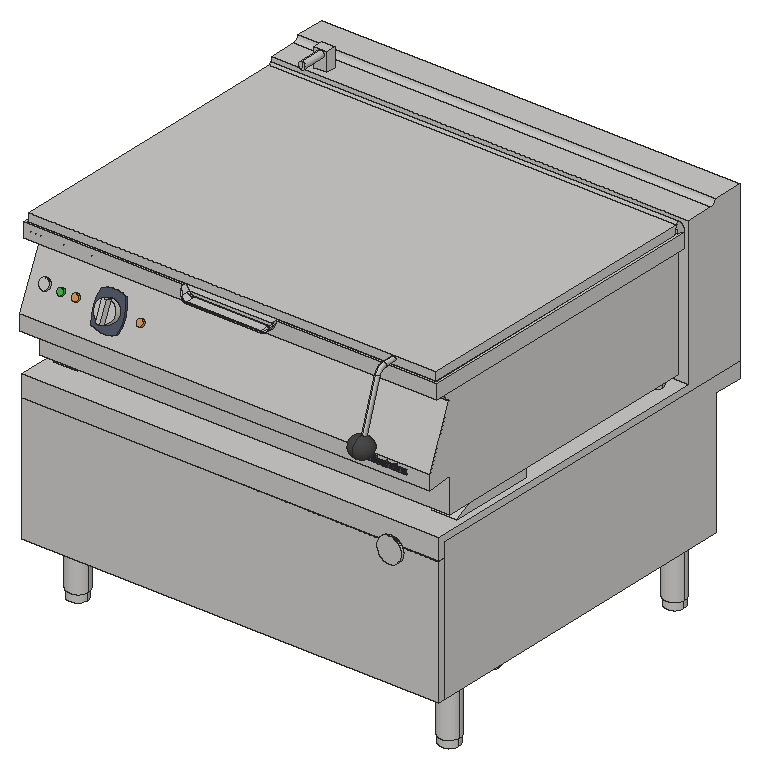
Revit family "QF_ELECTROLUXPROFESSIONAL_391141_E9BRGJDPFM", category Specialty Equipment, Revit 2018 (continued)
Automatic sketch dimensions
  Extrusion 35 sketch curve to Extrusion 35 sketch curve = 3.174 mm
  Extrusion 35 sketch curve to Extrusion 35 sketch curve = 0.388 mm
  Extrusion 35 sketch curve to Extrusion 35 sketch curve = 1.342 mm
  plane 16 to Extrusion 35 sketch curve = 12.442 mm
  Extrusion 35 sketch curve to Extrusion 35 sketch curve = 1.521 mm
  plane 16 to Extrusion 35 sketch curve = 10.883 mm
  Extrusion 35 sketch curve to Extrusion 35 sketch curve = 0.124 mm
  Extrusion 35 sketch curve to Extrusion 35 sketch curve = 0.291 mm
  plane 16 to Extrusion 35 sketch curve = 55.292 mm
  Extrusion 35 sketch curve to Extrusion 35 sketch curve = 1.049 mm  (x2)
  plane 16 to Extrusion 35 sketch curve = 14.909 mm
  Extrusion 35 sketch curve to Extrusion 35 sketch curve = 1.7 mm
  Extrusion 35 sketch curve to Extrusion 35 sketch curve = 0.894 mm
  Extrusion 35 sketch curve to Extrusion 35 sketch curve = 0.989 mm
  Extrusion 35 sketch curve to Extrusion 35 sketch curve = 1.168 mm
  Extrusion 35 sketch curve to Extrusion 35 sketch curve = 1.594 mm
  Extrusion 35 sketch curve to Extrusion 35 sketch curve = 0.731 mm
  Extrusion 35 sketch curve to Extrusion 35 sketch curve = 1.566 mm
  Extrusion 35 sketch curve to Extrusion 35 sketch curve = 0.064 mm
  plane 16 to Extrusion 35 sketch curve = 54.735 mm
  Extrusion 35 sketch curve to Extrusion 35 sketch curve = 0.556 mm
  Extrusion 35 sketch curve to Extrusion 35 sketch curve = 0.48 mm
  Extrusion 35 sketch curve to Extrusion 35 sketch curve = 0.228 mm
  Extrusion 35 sketch curve to Extrusion 35 sketch curve = 1.018 mm
  plane 16 to Extrusion 35 sketch curve = 25.148 mm
  Extrusion 35 sketch curve to Extrusion 35 sketch curve = 0.787 mm
  Extrusion 35 sketch curve to Extrusion 35 sketch curve = 0.618 mm
  plane 16 to Extrusion 35 sketch curve = 20.091 mm
  Extrusion 35 sketch curve to Extrusion 35 sketch curve = 1.672 mm
  plane 16 to Extrusion 35 sketch curve = 9.14 mm
  Extrusion 35 sketch curve to Extrusion 35 sketch curve = 1.361 mm
  Extrusion 35 sketch curve to Extrusion 35 sketch curve = 0.822 mm
  Extrusion 35 sketch curve to Extrusion 35 sketch curve = 0.069 mm
  Extrusion 35 sketch curve to Extrusion 35 sketch curve = 1.88 mm
  plane 16 to Extrusion 35 sketch curve = 27.307 mm
  Extrusion 35 sketch curve to Extrusion 35 sketch curve = 0.42 mm
  Extrusion 35 sketch curve to Extrusion 35 sketch curve = 0.062 mm
  Extrusion 35 sketch curve to Extrusion 35 sketch curve = 1.355 mm
  Extrusion 35 sketch curve to Extrusion 35 sketch curve = 2.34 mm
  Extrusion 35 sketch curve to Extrusion 35 sketch curve = 0.493 mm
  Extrusion 35 sketch curve to Extrusion 35 sketch curve = 0.136 mm
  Extrusion 35 sketch curve to Extrusion 35 sketch curve = 0.128 mm
  Extrusion 35 sketch curve to Extrusion 35 sketch curve = 3.616 mm
  Extrusion 35 sketch curve to Extrusion 35 sketch curve = 4.207 mm
  Extrusion 35 sketch curve to Extrusion 35 sketch curve = 0.183 mm
  Extrusion 35 sketch curve to Extrusion 35 sketch curve = 0.895 mm
  Extrusion 35 sketch curve to Extrusion 35 sketch curve = 1.314 mm
  Extrusion 35 sketch curve to Extrusion 35 sketch curve = 3.231 mm
  Extrusion 35 sketch curve to Extrusion 35 sketch curve = 1.299 mm
  Extrusion 35 sketch curve to Extrusion 35 sketch curve = 1.214 mm
  plane 16 to Extrusion 35 sketch curve = 36.208 mm
  Extrusion 35 sketch curve to Extrusion 35 sketch curve = 1.264 mm
  Extrusion 35 sketch curve to Extrusion 35 sketch curve = 0.109 mm
  Extrusion 35 sketch curve to Extrusion 35 sketch curve = 0.357 mm
  Extrusion 35 sketch curve to Extrusion 35 sketch curve = 0.565 mm
  Extrusion 35 sketch curve to Extrusion 35 sketch curve = 2.504 mm
  Extrusion 35 sketch curve to Extrusion 35 sketch curve = 2.459 mm
  Extrusion 35 sketch curve to Extrusion 35 sketch curve = 0.983 mm
  Extrusion 35 sketch curve to Extrusion 35 sketch curve = 0.422 mm  (x2)
  Extrusion 35 sketch curve to Extrusion 35 sketch curve = 1.268 mm
  Extrusion 35 sketch curve to Extrusion 35 sketch curve = 0.671 mm
  Extrusion 35 sketch curve to Extrusion 35 sketch curve = 1.634 mm
  Extrusion 35 sketch curve to Extrusion 35 sketch curve = 0.132 mm
  Extrusion 35 sketch curve to Extrusion 35 sketch curve = 0.586 mm
  Extrusion 35 sketch curve to Extrusion 35 sketch curve = 1.241 mm
  Extrusion 35 sketch curve to Extrusion 35 sketch curve = 1.689 mm
  Extrusion 35 sketch curve to Extrusion 35 sketch curve = 0.627 mm
  Extrusion 35 sketch curve to Extrusion 35 sketch curve = 0.419 mm
  Extrusion 35 sketch curve to Extrusion 35 sketch curve = 1.514 mm
  Extrusion 35 sketch curve to Extrusion 35 sketch curve = 1.019 mm
  Extrusion 35 sketch curve to Extrusion 35 sketch curve = 0.065 mm
  Extrusion 35 sketch curve to Extrusion 35 sketch curve = 1.215 mm
  Extrusion 35 sketch curve to Extrusion 35 sketch curve = 1.122 mm
  Extrusion 35 sketch curve to Extrusion 35 sketch curve = 1.153 mm
  Extrusion 35 sketch curve to Extrusion 35 sketch curve = 1.223 mm
  Extrusion 35 sketch curve to Extrusion 35 sketch curve = 0.934 mm
  Extrusion 35 sketch curve to Extrusion 35 sketch curve = 3.376 mm
  Extrusion 35 sketch curve to Extrusion 35 sketch curve = 0.222 mm
  Extrusion 35 sketch curve to Extrusion 35 sketch curve = 1.383 mm
  Extrusion 35 sketch curve to Extrusion 35 sketch curve = 1.556 mm
  Extrusion 35 sketch curve to Extrusion 35 sketch curve = 2.559 mm
  Extrusion 35 sketch curve to Extrusion 35 sketch curve = 2.51 mm
  Extrusion 35 sketch curve to Extrusion 35 sketch curve = 0.131 mm
  Extrusion 35 sketch curve to Extrusion 35 sketch curve = 1.134 mm
  Extrusion 35 sketch curve to Extrusion 35 sketch curve = 0.366 mm
  Extrusion 35 sketch curve to Extrusion 35 sketch curve = 0.094 mm
  Extrusion 35 sketch curve to Extrusion 35 sketch curve = 1.584 mm
  Extrusion 35 sketch curve to Extrusion 35 sketch curve = 1.501 mm
  Extrusion 35 sketch curve to Extrusion 35 sketch curve = 0.27 mm
  Extrusion 35 sketch curve to Extrusion 35 sketch curve = 1.808 mm
  Extrusion 35 sketch curve to Extrusion 35 sketch curve = 0.643 mm
  Extrusion 35 sketch curve to Extrusion 35 sketch curve = 0.916 mm
  Extrusion 35 sketch curve to Extrusion 35 sketch curve = 0.352 mm
  Extrusion 35 sketch curve to Extrusion 35 sketch curve = 0.458 mm
  Extrusion 35 sketch curve to Extrusion 35 sketch curve = 1.282 mm
  Extrusion 35 sketch curve to Extrusion 35 sketch curve = 1.363 mm
  Extrusion 35 sketch curve to Extrusion 35 sketch curve = 0.685 mm
  Extrusion 35 sketch curve to Extrusion 35 sketch curve = 0.905 mm
  Extrusion 35 sketch curve to Extrusion 35 sketch curve = 2.865 mm
  Extrusion 35 sketch curve to Extrusion 35 sketch curve = 0.472 mm
  Extrusion 35 sketch curve to Extrusion 35 sketch curve = 0.101 mm
  Extrusion 35 sketch curve to Extrusion 35 sketch curve = 0.54 mm
  Extrusion 35 sketch curve to Extrusion 35 sketch curve = 0.02 mm
  Extrusion 35 sketch curve to Extrusion 35 sketch curve = 0.468 mm
  Extrusion 35 sketch curve to Extrusion 35 sketch curve = 0.829 mm
  Extrusion 35 sketch curve to Extrusion 35 sketch curve = 0.582 mm
  Extrusion 35 sketch curve to Extrusion 35 sketch curve = 0.166 mm
  Extrusion 35 sketch curve to Extrusion 35 sketch curve = 0.16 mm
  Extrusion 35 sketch curve to Extrusion 35 sketch curve = 2.781 mm
  Extrusion 35 sketch curve to Extrusion 35 sketch curve = 1.118 mm
  Extrusion 35 sketch curve to Extrusion 35 sketch curve = 0.613 mm
  Extrusion 35 sketch curve to Extrusion 35 sketch curve = 0.781 mm
  Extrusion 35 sketch curve to Extrusion 35 sketch curve = 0.361 mm
  Extrusion 35 sketch curve to Extrusion 35 sketch curve = 0.897 mm
  Extrusion 35 sketch curve to Extrusion 35 sketch curve = 0.167 mm
  Extrusion 35 sketch curve to Extrusion 35 sketch curve = 0.292 mm
  Extrusion 35 sketch curve to Extrusion 35 sketch curve = 0.305 mm
  Extrusion 35 sketch curve to Extrusion 35 sketch curve = 1.557 mm
  Extrusion 35 sketch curve to Extrusion 35 sketch curve = 2.499 mm
  Extrusion 35 sketch curve to Extrusion 35 sketch curve = 3.062 mm
  Extrusion 35 sketch curve to Extrusion 35 sketch curve = 2.968 mm
  Extrusion 35 sketch curve to Extrusion 35 sketch curve = 5.044 mm
  Extrusion 35 sketch curve to Extrusion 35 sketch curve = 0.629 mm  (x2)
  Extrusion 35 sketch curve to Extrusion 35 sketch curve = 1.131 mm
  Extrusion 35 sketch curve to Extrusion 35 sketch curve = 0.137 mm
  Extrusion 35 sketch curve to Extrusion 35 sketch curve = 0.027 mm
  Extrusion 35 sketch curve to Extrusion 35 sketch curve = 2.046 mm
  Extrusion 35 sketch curve to Extrusion 35 sketch curve = 2.235 mm
  Extrusion 36 sketch curve to Extrusion 36 sketch curve = 7.323 mm
  Extrusion 36 sketch curve to Extrusion 36 sketch curve = 14.203 mm
  Extrusion 36 sketch curve to Extrusion 36 sketch curve = 14.214 mm
  Extrusion 36 sketch curve to plane 20 = 19.693 mm
  Extrusion 36 sketch curve to plane 20 = 19.699 mm
  Extrusion 36 sketch curve to Extrusion 36 sketch curve = 4.465 mm
  Extrusion 36 sketch curve to Extrusion 36 sketch curve = 4.485 mm
  Extrusion 36 sketch curve to Extrusion 36 sketch curve = 12.672 mm
  Extrusion 36 sketch curve to Extrusion 36 sketch curve = 21.263 mm
  plane 7 "Center Y" to curve 52 = 119.371 mm
  curve 52 to curve 14 = 14.828 mm
  plane 7 "Center Y" to Extrusion 36 sketch curve = 110.002 mm
  Extrusion 36 sketch curve to plane 7 "Center Y" = 88.472 mm
  Extrusion 36 sketch curve to Extrusion 36 sketch curve = 7.316 mm
  Extrusion 26 sketch curve to Extrusion 26 sketch curve = 0 mm  (x4)
  Extrusion 26 sketch curve to plane 20 = 26.099 mm
  Extrusion 26 sketch curve to plane 7 "Center Y" = 110.002 mm
  Extrusion 26 sketch curve to Extrusion 26 sketch curve = 4.545 mm
  Extrusion 26 sketch curve to plane 20 = 32.371 mm
  Extrusion 26 sketch curve to Extrusion 26 sketch curve = 2.771 mm  (x2)
  Extrusion 26 sketch curve to Extrusion 26 sketch curve = 14.214 mm
  plane 7 "Center Y" to Extrusion 26 sketch curve = 88.476 mm
  Extrusion 26 sketch curve to Extrusion 26 sketch curve = 14.203 mm
  Extrusion 26 sketch curve to plane 20 = 33.978 mm
  Extrusion 26 sketch curve to Extrusion 26 sketch curve = 4.548 mm
  Extrusion 26 sketch curve to Extrusion 26 sketch curve = 8.206 mm
  Extrusion 26 sketch curve to Extrusion 26 sketch curve = 7.878 mm
  Extrusion 26 sketch curve to Extrusion 26 sketch curve = 6.4 mm  (x2)
  Extrusion 26 sketch curve to Extrusion 26 sketch curve = 3.2 mm
  plane 15 to Sweep 5 sketch curve = 0 mm
  Sweep 5 sketch curve to plane 4 "RIGHT" = 5 mm
  Sweep 5 sketch curve to plane 5 "FRONT" = 15.818 mm  (x2)
  plane 7 "Center Y" to Sweep 5 sketch curve = 110.002 mm
  Sweep 5 sketch curve to plane 7 "Center Y" = 110.002 mm
  plane 3 "LEFT" to Sweep 5 sketch curve = 5 mm
  curve 44 to curve 43 = 0 mm
  plane 5 "FRONT" to curve 37 = 0 mm
  plane 5 "FRONT" to curve 38 = 0 mm
  curve 33 to plane 3 "LEFT" = 0 mm
  plane 3 "LEFT" to curve 38 = 10 mm
  curve 47 to plane 14 = 1.83 mm
  plane 24 to curve 33 = 9.875 mm
  curve 34 to plane 24 = 6.375 mm
  curve 50 to plane 24 = 28.857 mm
  curve 46 to curve 50 = 0 mm  (x2)
  curve 47 to curve 46 = 13.072 mm
  curve 49 to curve 47 = 18.827 mm
  curve 49 to curve 49 = 1.823 mm
  curve 49 to curve 49 = 5.076 mm
  curve 45 to curve 49 = 4.861 mm
  curve 48 to curve 45 = 1.683 mm  (x2)
  curve 50 to curve 45 = 2.354 mm
  curve 48 to plane 25 = 2.131 mm
  curve 48 to plane 25 = 7.917 mm
  curve 45 to curve 48 = 0 mm
  curve 46 to plane 25 = 8.298 mm
  curve 50 to curve 46 = 0 mm
  curve 45 to plane 5 "FRONT" = 2.513 mm
  curve 45 to curve 48 = 5.786 mm
  curve 46 to plane 5 "FRONT" = 7.915 mm
  curve 46 to curve 45 = 17.109 mm
  curve 45 to curve 46 = 0.822 mm
  curve 46 to curve 48 = 5.624 mm
  curve 47 to curve 46 = 4.962 mm
  plane 23 to curve 49 = 7.4 mm
  curve 59 to plane 5 "FRONT" = 15.818 mm
  curve 59 to plane 23 = 115.622 mm
  curve 60 to curve 59 = 11.953 mm
  curve 59 to plane 5 "FRONT" = 0.969 mm
  curve 59 to curve 60 = 1.966 mm
  curve 60 to curve 59 = 0.006 mm
  plane 5 "FRONT" to curve 58 = 4.277 mm
  curve 58 to curve 60 = 9.976 mm
  curve 60 to plane 5 "FRONT" = 5.613 mm
  curve 60 to curve 58 = 8.911 mm
  curve 57 to plane 5 "FRONT" = 5.606 mm
  plane 7 "Center Y" to curve 57 = 86.566 mm
  curve 57 to curve 57 = 8.908 mm
  curve 57 to plane 5 "FRONT" = 0.967 mm
  curve 57 to curve 58 = 9.968 mm
  curve 56 to plane 5 "FRONT" = 0.965 mm
  curve 56 to curve 57 = 0.006 mm
  curve 56 to plane 5 "FRONT" = 15.818 mm
  curve 56 to curve 57 = 11.958 mm
  curve 34 to plane 12 = 25 mm
  curve 34 to plane 16 = 55 mm
  curve 55 to curve 55 = 10 mm
  plane 19 to curve 37 = 4 mm
  curve 33 to curve 34 = 0 mm
  curve 50 to curve 45 = 21.513 mm
  curve 47 to plane 5 "FRONT" = 22.98 mm
  curve 49 to curve 45 = 10.739 mm
  curve 38 to plane 5 "FRONT" = 15.818 mm
  curve 37 to plane 5 "FRONT" = 15.818 mm
  curve 48 to curve 45 = 3.577 mm
  curve 49 to curve 49 = 7.163 mm
  plane 16 to curve 55 = 55 mm
  curve 55 to curve 55 = 4.957 mm
  plane 5 "FRONT" to curve 55 = 46.394 mm
  curve 55 to curve 55 = 0.016 mm
  radius of Extrusion 8 sketch curve = 15 mm  (x2)
  radius of Extrusion 15 sketch curve = 12.7 mm
  radius of Extrusion 16 sketch curve = 30 mm
  radius of Extrusion 17 sketch curve = 6.35 mm
  radius of Extrusion 18 sketch curve = 6.35 mm
  radius of Extrusion 19 sketch curve = 6.35 mm
  radius of Extrusion 20 sketch curve = 8 mm
  radius of Extrusion 21 sketch curve = 8 mm
  radius of Extrusion 22 sketch curve = 25.4 mm
  radius of Extrusion 23 sketch curve to Extrusion 22 = 0 mm  (x2)
  radius of Extrusion 24 sketch curve = 12.7 mm
  radius of Extrusion 25 sketch curve = 8 mm
  radius of Sweep 29 sketch curve = 5 mm
  radius of Sweep 32 sketch curve = 5 mm
Connectors
  piping at (105, -706, 182), diameter 12.8
    settings: on Extrusion 17, index 1, connector inside diameter 0.50394", connector length 0 mm, flow factor 0, pipe flow 0 GPM, pressure drop 0.00 psi, fitting loss kfactor 0, connector angle 0.00°, fixture units 0, engagement length 0 mm, angle of deflection 0.00°, flow configuration 1, flow direction 1, fitting loss method 0, system type 7, joint type 0, gender type 0, connector reference index -1, connector utility 0, adjustable connector no, is connector primary yes, connector description "GAS CONNECTION"
  piping at (195, -698, 182), diameter 19
    settings: on Extrusion 18, index 2, connector inside diameter 0.74803", connector length 0 mm, flow factor 0, pipe flow 0 GPM, pressure drop 0.00 psi, fitting loss kfactor 0, connector angle 0.00°, fixture units 0, engagement length 0 mm, angle of deflection 0.00°, flow configuration 1, flow direction 1, fitting loss method 0, system type 20, joint type 0, gender type 0, connector reference index -1, connector utility 0, adjustable connector no, is connector primary no, connector description "COLD WATER INLET"
  electrical at (265, -706, 182), driven by "Volts", driven by "Watts"
    settings: on Extrusion 19, index 3, voltage 230 V, apparent load 250 VA, apparent load phase1 0 VA, apparent load phase2 0 VA, apparent load phase3 0 VA, power factor 1, load classification "Other", number of poles 1, system type 30, power factor state 1, is connector primary yes, connector utility no, sub classification motor no, connector description "ELECTRICAL CONNECTION"
